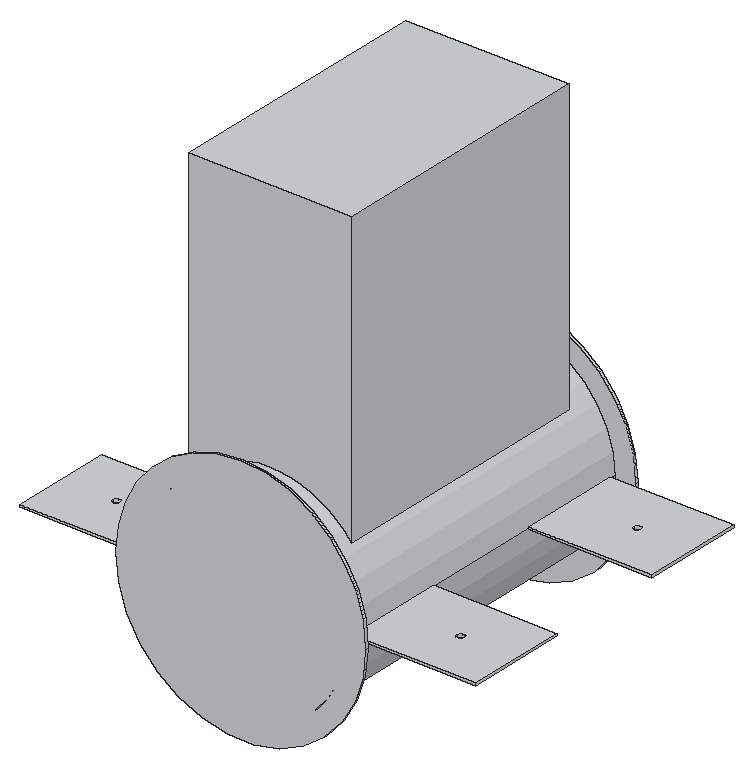
Revit family "VAHB_Horizontal_Ceiling_Mount", category Mechanical Equipment, Revit 2019
Family settings
  Round Connector Dimension = Use Radius
  Part Type = Normal
  Work Plane-Based = No
  Always vertical = Yes
  Cut with Voids When Loaded = No
  Shared = No
  Room Calculation Point = No
Parameters (values of type "12_VAHB_HOR_CEILING")
  Unit Weight [instance] = ""
  ModelID [instance] = ""
  M/2 = M / 2  # 0' - 0 7/32"
  M = 0' - 0 7/16"
  L/2 = L / 2  # 0' - 6 1/2"
  L = 1' - 1"
  K/2 = K / 2  # 0' - 1 3/4"
  K-((J-A)/2) = K - 0' 3"  # 0' - 0 1/2"
  K = 0' - 3 1/2"
  L-(C/2) = ZERO - (C / 2)  # -0' - 6 11/16"
  ZERO = 0' - 0"  # constant formula
  J/2 = J / 2  # 0' - 10 5/32"
  J-A = J - A - 0' 1"  # 0' - 7 5/16"
  J = 1' - 8 5/16"
  H-(A/2) = H - (A / 2)  # 1' - 3"
  H+L = H + ZERO  # 1' - 9"
  H = 1' - 9"
  Sones [instance] = ""
  Motor RPM [instance] = ""
  Motor Enclosure [instance] = ""
  LwA [instance] = ""
  G = 6' - 0"
  Fan RPM [instance] = ""
  F/2 = F / 2  # 0' - 0 5/32"
  F = 0' - 0 5/16"
  E/2 = E / 2  # 0' - 10"
  E-2" = E - 0' 2"  # 1' - 6"
  E = 1' - 8"
  C/2+L = C / 2 + ZERO  # 0' - 6 11/16"
  C/2 = C / 2  # 0' - 6 11/16"
  C = 1' - 1 3/8"
  B/2 = B / 2  # 0' - 7 3/8"
  B = 1' - 2 3/4"
  Accessories [instance] = ""
  A/3 = A / 2.5  # 0' - 4.8"
  A/2 = A / 2  # 0' - 6"
  A = 1' - 0"
  60 = 60.00°  # constant formula
  6 = 0' - 6"  # constant formula
  30 = 30.00°  # constant formula
  3" = 0' - 3"  # constant formula
  Brake Hp [instance] = ""
  4" = 0' - 4"  # constant formula
  2' = 2' - 0"
  2" = 0' - 2"  # constant formula
  1" = 0' - 1"  # constant formula
  0 = 0' - 0"  # constant formula
  Voltage [instance] = 0 V
  URL = "www.lorencook.com"
  Type Comments = "Fixed Pitch Vane Axial Horizontal Ceiling Mount Belt Drive Arrangement 9"  # constant formula
  Static Pressure [instance] = 0.00 in-wg
  Power [instance] = Voltage * Motor FLA * sqrt(if(Phase = 3, 3, 1))  # 0 VA
  Phase [instance] = 0
  Number of Poles [instance] = 1
  Motor Hp [instance] = "0"
  Motor FLA [instance] = 0 A
  Model = "VAHB"  # constant formula
  Manufacturer = "Loren Cook Company"
  CFM [instance] = 0 CFM
  1.5 = 0' - 1 1/2"  # constant formula
  ONE EIGTH = 0' - 0 1/8"  # constant formula
  -E/2 = -E / 2  # -0' - 10"
  -(E-.25")/2 = -(E - 0' 0 1/4") / 2  # -0' - 9 7/8"
  (H-(A/2))/2 = (H - (A / 2)) / 2  # 0' - 7 1/2"
  (E-.25")/2 = (E - 0' 0 1/4") / 2  # 0' - 9 7/8"
  (A+.25")/2 = (A + 0' 0 1/4") / 2  # 0' - 6 1/8"
Types (12): name | M/2 | M | L/2 | L | K/2 | K-((J-A)/2) | K | L-(C/2) | J/2 | J-A | J | H-(A/2) | H+L | H | G | F/2 | F | E/2 | E-2" | E | C/2+L | C/2 | C | B/2 | B | A/3 | A/2 | A | -E/2 | -(E-.25")/2 | (H-(A/2))/2 | (E-.25")/2 | (A+.25")/2
  (no name) | 0' - 0 7/32" | 0' - 0 7/16" | 0' - 6 1/2" | 1' - 1" | 0' - 1 3/4" | 0' - 0 1/2" | 0' - 3 1/2" | -0' - 6 11/16" | 0' - 10 5/32" | 0' - 7 5/16" | 1' - 8 5/16" | 1' - 3" | 1' - 9" | 1' - 9" | 6' - 0" | 0' - 0 5/32" | 0' - 0 5/16" | 0' - 10" | 1' - 6" | 1' - 8" | 0' - 6 11/16" | 0' - 6 11/16" | 1' - 1 3/8" | 0' - 7 3/8" | 1' - 2 3/4" | 0' - 4.8" | 0' - 6" | 1' - 0" | -0' - 10" | -0' - 9 7/8" | 0' - 7 1/2" | 0' - 9 7/8" | 0' - 6 1/8"
  12_VAHB_HOR_CEILING | 0' - 0 7/32" | 0' - 0 7/16" | 0' - 6 1/2" | 1' - 1" | 0' - 1 3/4" | 0' - 0 1/2" | 0' - 3 1/2" | -0' - 6 11/16" | 0' - 10 5/32" | 0' - 7 5/16" | 1' - 8 5/16" | 1' - 3" | 1' - 9" | 1' - 9" | 6' - 0" | 0' - 0 5/32" | 0' - 0 5/16" | 0' - 10" | 1' - 6" | 1' - 8" | 0' - 6 11/16" | 0' - 6 11/16" | 1' - 1 3/8" | 0' - 7 3/8" | 1' - 2 3/4" | 0' - 4.8" | 0' - 6" | 1' - 0" | -0' - 10" | -0' - 9 7/8" | 0' - 7 1/2" | 0' - 9 7/8" | 0' - 6 1/8"
  14_VAHB_HOR_CEILING | 0' - 0 7/32" | 0' - 0 7/16" | 0' - 8" | 1' - 4" | 0' - 1 3/4" | 0' - 0 1/2" | 0' - 3 1/2" | -0' - 7 3/4" | 0' - 9 17/32" | 0' - 4 1/16" | 1' - 7 1/16" | 1' - 5" | 2' - 0" | 2' - 0" | 6' - 0" | 0' - 0 5/32" | 0' - 0 5/16" | 0' - 11 1/2" | 1' - 9" | 1' - 11" | 0' - 7 3/4" | 0' - 7 3/4" | 1' - 3 1/2" | 0' - 8 3/8" | 1' - 4 3/4" | 0' - 5.6" | 0' - 7" | 1' - 2" | -0' - 11 1/2" | -0' - 11 3/8" | 0' - 8 1/2" | 0' - 11 3/8" | 0' - 7 1/8"
  18_VAHB_HOR_CEILING | 0' - 0 11/32" | 0' - 0 11/16" | 0' - 10 3/4" | 1' - 9 1/2" | 0' - 1 7/8" | 0' - 0 3/4" | 0' - 3 3/4" | -0' - 9 7/8" | 1' - 0 5/8" | 0' - 6 1/4" | 2' - 1 1/4" | 1' - 6 1/4" | 2' - 3 1/4" | 2' - 3 1/4" | 12' - 0" | 0' - 0 7/32" | 0' - 0 7/16" | 1' - 2 1/2" | 2' - 3" | 2' - 5" | 0' - 9 7/8" | 0' - 9 7/8" | 1' - 7 3/4" | 0' - 10 5/8" | 1' - 9 1/4" | 0' - 7.2" | 0' - 9" | 1' - 6" | -1' - 2 1/2" | -1' - 2 3/8" | 0' - 9 1/8" | 1' - 2 3/8" | 0' - 9 1/8"
  21_VAHB_HOR_CEILING | 0' - 0 11/32" | 0' - 0 11/16" | 0' - 11 3/4" | 1' - 11 1/2" | 0' - 1 7/8" | 0' - 0 3/4" | 0' - 3 3/4" | -0' - 11 3/8" | 1' - 1 3/32" | 0' - 4 3/16" | 2' - 2 3/16" | 1' - 9" | 2' - 7 1/2" | 2' - 7 1/2" | 12' - 0" | 0' - 0 7/32" | 0' - 0 7/16" | 1' - 3 1/2" | 2' - 5" | 2' - 7" | 0' - 11 3/8" | 0' - 11 3/8" | 1' - 10 3/4" | 1' - 0 1/8" | 2' - 0 1/4" | 0' - 8.4" | 0' - 10 1/2" | 1' - 9" | -1' - 3 1/2" | -1' - 3 3/8" | 0' - 10 1/2" | 1' - 3 3/8" | 0' - 10 5/8"
  26_VAHB_HOR_CEILING | 0' - 0 11/32" | 0' - 0 11/16" | 0' - 11 3/4" | 1' - 11 1/2" | 0' - 2 1/8" | 0' - 1 1/4" | 0' - 4 1/4" | -1' - 2" | 1' - 2 29/32" | 0' - 2 13/16" | 2' - 5 13/16" | 1' - 9 1/2" | 2' - 10 1/2" | 2' - 10 1/2" | 12' - 0" | 0' - 0 7/32" | 0' - 0 7/16" | 1' - 4" | 2' - 6" | 2' - 8" | 1' - 2" | 1' - 2" | 2' - 4" | 1' - 3 5/32" | 2' - 6 5/16" | 0' - 10.4" | 1' - 1" | 2' - 2" | -1' - 4" | -1' - 3 7/8" | 0' - 10 3/4" | 1' - 3 7/8" | 1' - 1 1/8"
  29_VAHB_HOR_CEILING | 0' - 0 11/32" | 0' - 0 11/16" | 1' - 1 3/4" | 2' - 3 1/2" | 0' - 2 1/8" | 0' - 1 1/4" | 0' - 4 1/4" | -1' - 3 1/2" | 1' - 5 5/32" | 0' - 4 5/16" | 2' - 10 5/16" | 2' - 2" | 3' - 4 1/2" | 3' - 4 1/2" | 12' - 0" | 0' - 0 7/32" | 0' - 0 7/16" | 1' - 6" | 2' - 10" | 3' - 0" | 1' - 3 1/2" | 1' - 3 1/2" | 2' - 7" | 1' - 4 21/32" | 2' - 9 5/16" | 0' - 11.6" | 1' - 2 1/2" | 2' - 5" | -1' - 6" | -1' - 5 7/8" | 1' - 1" | 1' - 5 7/8" | 1' - 2 5/8"
  36_VAHB_HOR_CEILING | 0' - 0 7/16" | 0' - 0 7/8" | 1' - 4 3/8" | 2' - 8 3/4" | 0' - 2 5/16" | 0' - 1 5/8" | 0' - 4 5/8" | -1' - 7" | 1' - 7 7/8" | 0' - 2 3/4" | 3' - 3 3/4" | 2' - 3 1/2" | 3' - 9 1/2" | 3' - 9 1/2" | 16' - 0" | 0' - 0 9/32" | 0' - 0 9/16" | 1' - 9" | 3' - 4" | 3' - 6" | 1' - 7" | 1' - 7" | 3' - 2" | 1' - 8 5/32" | 3' - 4 5/16" | 1' - 2.4" | 1' - 6" | 3' - 0" | -1' - 9" | -1' - 8 7/8" | 1' - 1 3/4" | 1' - 8 7/8" | 1' - 6 1/8"
  42_VAHB_HOR_CEILING | 0' - 0 7/16" | 0' - 0 7/8" | 1' - 8 3/8" | 3' - 4 3/4" | 0' - 2 5/16" | 0' - 1 5/8" | 0' - 4 5/8" | -1' - 10 3/16" | 1' - 10 7/8" | 0' - 2 3/4" | 3' - 9 3/4" | 2' - 5 1/2" | 4' - 2 1/2" | 4' - 2 1/2" | 16' - 0" | 0' - 0 9/32" | 0' - 0 9/16" | 2' - 1" | 4' - 0" | 4' - 2" | 1' - 10 3/16" | 1' - 10 3/16" | 3' - 8 3/8" | 1' - 10 21/32" | 3' - 9 5/16" | 1' - 4.8" | 1' - 9" | 3' - 6" | -2' - 1" | -2' - 0 7/8" | 1' - 2 3/4" | 2' - 0 7/8" | 1' - 9 1/8"
  48_VAHB_HOR_CEILING | 0' - 0 7/16" | 0' - 0 7/8" | 1' - 10 7/8" | 3' - 9 3/4" | 0' - 2 9/16" | 0' - 2 1/8" | 0' - 5 1/8" | -2' - 1 1/4" | 2' - 1 7/8" | 0' - 2 3/4" | 4' - 3 3/4" | 2' - 6" | 4' - 6" | 4' - 6" | 16' - 0" | 0' - 0 9/32" | 0' - 0 9/16" | 2' - 4" | 4' - 6" | 4' - 8" | 2' - 1 1/4" | 2' - 1 1/4" | 4' - 2 1/2" | 2' - 2 19/32" | 4' - 5 3/16" | 1' - 7.2" | 2' - 0" | 4' - 0" | -2' - 4" | -2' - 3 7/8" | 1' - 3" | 2' - 3 7/8" | 2' - 0 1/8"
  54_VAHB_HOR_CEILING | 0' - 0 17/32" | 0' - 1 1/16" | 2' - 1 3/8" | 4' - 2 3/4" | 0' - 2 13/16" | 0' - 2 5/8" | 0' - 5 5/8" | -2' - 4 1/4" | 2' - 5 3/8" | 0' - 3 3/4" | 4' - 10 3/4" | 2' - 8 1/2" | 4' - 11 1/2" | 4' - 11 1/2" | 16' - 0" | 0' - 0 9/32" | 0' - 0 9/16" | 2' - 7" | 5' - 0" | 5' - 2" | 2' - 4 1/4" | 2' - 4 1/4" | 4' - 8 1/2" | 2' - 5 23/32" | 4' - 11 7/16" | 1' - 9.6" | 2' - 3" | 4' - 6" | -2' - 7" | -2' - 6 7/8" | 1' - 4 1/4" | 2' - 6 7/8" | 2' - 3 1/8"
  60_VAHB_HOR_CEILING | 0' - 0 17/32" | 0' - 1 1/16" | 2' - 4 7/8" | 4' - 9 3/4" | 0' - 2 13/16" | 0' - 2 5/8" | 0' - 5 5/8" | -2' - 7 5/8" | 2' - 8 3/8" | 0' - 3 3/4" | 5' - 4 3/4" | 2' - 11" | 5' - 5" | 5' - 5" | 16' - 0" | 0' - 0 9/32" | 0' - 0 9/16" | 2' - 10 1/2" | 5' - 7" | 5' - 9" | 2' - 7 5/8" | 2' - 7 5/8" | 5' - 3 1/4" | 2' - 8 23/32" | 5' - 5 7/16" | 2' - 0" | 2' - 6" | 5' - 0" | -2' - 10 1/2" | -2' - 10 3/8" | 1' - 5 1/2" | 2' - 10 3/8" | 2' - 6 1/8"
Reference planes (in)
  plane 1 "Center (Front/Back)": y = 0
  plane 2: z = 0
  plane 3 "Center (Left/Right)": x = 0.40541
Forms (in)
  Extrusion 1, solid
    sketch origin (0, 0, 0) x (1, 0, 0) y (0, 0, 1)
      loop
        circle (0.40541, 0) r 7.375
    from 10 <- "E/2" to -10 <- "-E/2"
  Extrusion 2, void
    sketch origin (0, 0, 0) x (1, 0, 0) y (0, 0, 1)
      loop
        circle (0.40541, 0) r 7.375
      loop
        circle (0.40541, 0) r 6.125
    from 9.875 <- "(E-.25")/2" to -9.875 <- "-(E-.25")/2"
  Extrusion 3, solid
    sketch origin (0, -9.875, 0) x (-1, 0, 0) y (0, 0, 1)
      loop
        line (4.39459, 3.80468) -> (4.39459, 21) -> (-5.20541, 21) -> (-5.20541, 3.80468)
        arc (-5.20541, 3.80468) -> (-0.40541, 6.125) -> (4.39459, 3.80468) r 6.125
    from 2 to 18 <- "E-2""
  Extrusion 4, solid
    sketch origin (0, 0, 0) x (1, 0, 0) y (0, 1, 0)
      loop
        line (-13.03209, 9.5) -> (-13.03209, 3.5) -> (-5.71959, 3.5) -> (-5.71959, 9.5) -> (-13.03209, 9.5)
      loop
        line (13.84291, 9.5) -> (6.53041, 9.5) -> (6.53041, 3.5) -> (13.84291, 3.5) -> (13.84291, 9.5)
      loop
        line (13.84291, -9.5) -> (13.84291, -3.5) -> (6.53041, -3.5) -> (6.53041, -9.5) -> (13.84291, -9.5)
      loop
        line (-13.03209, -9.5) -> (-5.71959, -9.5) -> (-5.71959, -3.5) -> (-13.03209, -3.5) -> (-13.03209, -9.5)
    from 0 to 0.125
  Extrusion 5, void
    sketch origin (0, 0, 0) x (1, 0, 0) y (0, 1, 0)
      loop
        circle (-9.75084, 6.5) r 0.21875
      loop
        circle (10.56166, 6.5) r 0.21875
      loop
        circle (10.56166, -6.5) r 0.21875
      loop
        circle (-9.75084, -6.5) r 0.21875
    from 0 to 0.125
Cuts and joins
  Extrusion 2, Extrusion 5 cuts Extrusion 1
  Extrusion 5 cuts Extrusion 4
Dimensions and locks (in)
  "0": Extrusion 1 sketch curve to plane 3 "Center (Left/Right)"
  "ZERO": Extrusion 1 sketch curve to level
  "0": Extrusion 2 sketch curve to plane 3 "Center (Left/Right)"  (x2)
  "ZERO": Extrusion 2 sketch curve to level  (x2)
  "0": Extrusion 3 sketch curve to plane 3 "Center (Left/Right)"
  "ZERO": Extrusion 3 sketch curve to level
  "H+L": Extrusion 3 sketch curve to level
  "A/3": plane 3 "Center (Left/Right)" to Extrusion 3 sketch curve  (x2)
  "(A+.25")/2": Extrusion 4 sketch curve to plane 3 "Center (Left/Right)"  (x4)
  "J-A": Extrusion 4 sketch curve to Extrusion 4 sketch curve  (x4)
  "6": Extrusion 4 sketch curve to Extrusion 4 sketch curve  (x4)
  "K-((J-A)/2)": cut or joined group of Extrusion 1, Extrusion 2, Extrusion 5 to Extrusion 4 sketch curve  (x3)
  "K-((J-A)/2)": Extrusion 4 sketch curve to cut or joined group of Extrusion 1, Extrusion 2, Extrusion 5
  "J/2": Extrusion 5 sketch curve to plane 3 "Center (Left/Right)"  (x4)
  "L/2": plane 1 "Center (Front/Back)" to Extrusion 5 sketch curve  (x4)
  "B/2": radius of Extrusion 1 sketch curve
  "(A+.25")/2": radius of Extrusion 2 sketch curve
  "B/2": radius of Extrusion 2 sketch curve
  "(A+.25")/2": radius of Extrusion 3 sketch curve
  "M/2": radius of Extrusion 5 sketch curve  (x4)
Automatic sketch dimensions
  Extrusion 3 sketch curve to Extrusion 3 sketch curve = 0' - 0"
Connectors (in)
  electrical at (5.20541, 0.125, 12.40234)
    settings: on Extrusion 3, index 1, voltage 0 V, apparent load 0 VA, apparent load phase1 0 VA, apparent load phase2 0 VA, apparent load phase3 0 VA, power factor 1, load classification "Other", number of poles 1, system type 30, power factor state 1, is connector primary yes, connector utility no, sub classification motor no, connector description ""
  hvac at (0.40541, -10, 0), driven by "A/2"
    settings: on cut or joined group of Extrusion 1, Extrusion 2, Extrusion 5, index 2, duct flow 0 CFM, flow factor 0, pres drop 0.00 in-wg, loss coef 0, conn angle 0.00°, conn width 12", conn height 12", conn diameter 12", duct sys type 29, conn prof type 0, flow config 0, flow direction 2, loss method 0, conn ref index -1, conn util no, is conn primary yes, conn desc ""
  hvac at (0.40541, 10, 0), driven by "A/2"
    settings: on cut or joined group of Extrusion 1, Extrusion 2, Extrusion 5, index 3, duct flow 0 CFM, flow factor 0, pres drop 0.00 in-wg, loss coef 0, conn angle 0.00°, conn width 12", conn height 12", conn diameter 12", duct sys type 29, conn prof type 0, flow config 0, flow direction 1, loss method 0, conn ref index -1, conn util no, is conn primary no, conn desc ""
